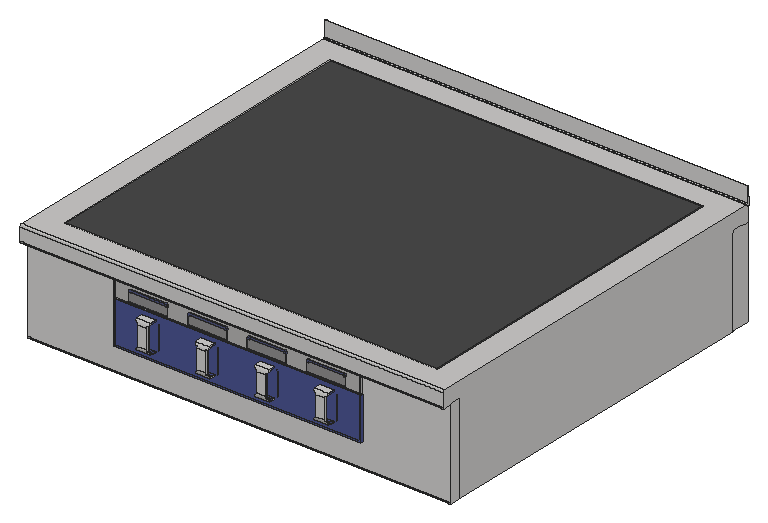
Revit family "QF_ELECTROLUXPROFESSIONAL_589019_MCCDABJOAO", category Specialty Equipment, Revit 2018
Family settings
  Round Connector Dimension = Use Diameter
  Part Type = Normal
  Work Plane-Based = No
  Always vertical = Yes
  Cut with Voids When Loaded = No
  Shared = No
  Room Calculation Point = No
Parameters
  Weight in Pounds = 110.23
  Watts = 16000 VA  # 16000 W
  Volts = 400 V  # constant formula
  URL Cutsheet = ""
  Type Mark [instance] = ""
  Status [instance] = ""
  Specification by User [instance] = ""
  Specification by Manufacturer = ""
  Serial Number = ""
  Seismic Rating = ""
  SMACNA No = ""
  Revision Code [instance] = ""
  Phase = 3  # constant formula
  Omniclass Number and Title = ""
  Number of Poles [instance] = 1
  NAFEM Spec ID Number = ""
  Model = "589019"
  Min Ckt Ampacity = 0 A
  Max Overcurrent Protection = 0 A
  Masterspec = ""
  Manufacturer = "ELECTROLUX"
  Item Number [instance] = ""
  Installed By [instance] = ""
  Identify Quantity as Lot [instance] = yes
  HP = "21.5 HP"
  Furnished By [instance] = ""
  Foodservice Equipment Identifier [instance] = yes
  FL Amps [instance] = if(Phase = 3, Watts / (Volts * 1.73), Watts / Volts)  # 23.1214 A
  Electrical Remarks = "400 V/3N ph/50/60 Hz"  # constant formula
  Electric Connection Type [instance] = ""
  Elec Conn RI Height [instance] = 0 mm
  Elec Conn Connection Height [instance] = 0 mm
  Direct Waste Size = 0"
  Description = "INFRARED TOP,4 ZONES,1S,BS,1000X900X250H"
  Cycle [instance] = if([60 Hertz Option], 60 Hz, 50 Hz)  # 60 Hz
  Conn Plug = ""
  Conn Conduit = yes
  CSI MasterFormat = ""
  CSI Master Format = ""
  Apparent Power [instance] = if(Phase = 3, Volts * FL Amps * 1.73, Volts * FL Amps)  # 16000 VA
  60 Hertz Option [instance] = not([50 Hertz Option])  # yes
  50 Hertz Option [instance] = no
Reference planes
  plane 1 "BACK": y = 0
  plane 2: z = 0
  plane 3 "LEFT": x = 0
  plane 4 "RIGHT": x = 1000
  plane 5 "FRONT": y = -900
  plane 6 "TOP": z = 250
  plane 7: x = 500
  plane 8: y = -450
Forms (mm)
  Extrusion 1, solid, material "QF_Finishes_Stainless Steel"
    sketch origin (0, -487.128, 0) x (0, 1, 0) y (0, 0, 1)
      loop
        line (483.128, 250) -> (-408.872, 250)
        arc (-408.872, 250) -> (-411.7, 248.828) -> (-412.872, 246) r 4
        line (-412.872, 246) -> (-412.872, 214)
        arc (-412.872, 214) -> (-411.443, 210.936) -> (-408.177, 210.061) r 4
        line (-408.177, 210.061) -> (-391.509, 213) -> (-366.872, 213) -> (-366.872, 0) -> (441.128, 0) -> (441.128, 213) -> (465.765, 213) -> (482.433, 210.061)
        arc (482.433, 210.061) -> (485.699, 210.936) -> (487.128, 214) r 4
        line (487.128, 214) -> (487.128, 246)
        arc (487.128, 246) -> (485.956, 248.828) -> (483.128, 250) r 4
    from 0 to 1000
  Extrusion 2, void
    sketch origin (653.786, 44.048, 250) x (1, 0, 0) y (0, -1, 0)
      loop
        line (-593.786, 104.048) -> (286.214, 104.048) -> (286.214, 887.779) -> (-593.786, 887.779) -> (-593.786, 104.048)
    from 0 to 37
  Extrusion 3, solid, material "QF_Finishes_Stainless Steel"
    sketch origin (0, -854, 0) x (1, 0, 0) y (0, -1, 0)
      loop
        circle (955, -169) r 6.35
    from 0 to 3.2
  Extrusion 4, solid, material "QF_Finishes_Black"
    sketch origin (653.786, 44.048, 213) x (1, 0, 0) y (0, 1, 0)
      loop
        line (-593.786, -887.779) -> (286.214, -887.779) -> (286.214, -104.048) -> (-593.786, -104.048) -> (-593.786, -887.779)
    from 0 to 37
  Extrusion 5, solid, material "QF_Finishes_Stainless Steel"
    sketch origin (0, 0, 0) x (0, 1, 0) y (0, 0, 1)
      loop
        line (-2.951, 2) -> (-2.951, 210.133)
        arc (-2.951, 210.133) -> (-3.795, 210.009) -> (-4.646, 210.066) r 4
        line (-4.646, 210.066) -> (-21.287, 213) -> (-45, 213) -> (-45, 0) -> (-4.951, 0)
        arc (-4.951, 0) -> (-3.537, 0.586) -> (-2.951, 2) r 2
      loop
        arc (-1.951, 252.006) -> (-2.537, 250.592) -> (-3.951, 250.006) r 2
        arc (-3.951, 250.006) -> (-1.172, 248.828) -> (0, 246) r 4
        line (0, 246) -> (0, 288.006) -> (-1.951, 288.006) -> (-1.951, 252.006)
    from 1000 to 0
Cuts and joins
  Extrusion 2 cuts Extrusion 1
Lines and regions (mm)
  symbolic lines
    curve 1: line (0, 0, 0) -> (1000, 0, 0)
    curve 2: line (0, -900, 0) -> (0, 0, 0)
    curve 3: line (1000, -900, 0) -> (0, -900, 0)
    curve 4: line (1000, 0, 0) -> (1000, -900, 0)
    curve 5: line (940, -843.73, 0) -> (940, -60, 0)
    curve 6: line (940, -60, 0) -> (60, -60, 0)
    curve 7: line (60, -60, 0) -> (60, -843.73, 0)
    curve 8: line (60, -843.73, 0) -> (940, -843.73, 0)
    curve 9: line (0, -1.951, 0) -> (1000, -1.951, 0)
    curve 10: line (273.641, -902.326, 0) -> (273.641, -900, 0)
    curve 11: spline (279.31, -903.73, 0) -> (278.831, -903.657, 0) -> (278.353, -903.575, 0) -> (277.876, -903.486, 0) -> (277.4, -903.389, 0) -> (276.925, -903.283, 0) -> (276.452, -903.17, 0) -> (275.98, -903.049, 0) -> (275.509, -902.92, 0) -> (275.039, -902.783, 0) -> (274.572, -902.638, 0) -> (274.105, -902.486, 0) -> (273.641, -902.326, 0)
    curve 12: line (305.857, -902.326, 0) -> (305.857, -900, 0)
    curve 13: spline (305.857, -902.326, 0) -> (305.392, -902.486, 0) -> (304.926, -902.638, 0) -> (304.458, -902.783, 0) -> (303.989, -902.92, 0) -> (303.518, -903.049, 0) -> (303.046, -903.17, 0) -> (302.572, -903.283, 0) -> (302.098, -903.389, 0) -> (301.622, -903.486, 0) -> (301.145, -903.575, 0) -> (300.667, -903.657, 0) -> (300.188, -903.73, 0)
    curve 14: line (279.31, -903.73, 0) -> (300.188, -903.73, 0)
    curve 15: line (413.892, -902.326, 0) -> (413.892, -900, 0)
    curve 16: spline (419.561, -903.73, 0) -> (419.082, -903.657, 0) -> (418.604, -903.575, 0) -> (418.127, -903.486, 0) -> (417.651, -903.389, 0) -> (417.177, -903.283, 0) -> (416.703, -903.17, 0) -> (416.231, -903.049, 0) -> (415.76, -902.92, 0) -> (415.29, -902.783, 0) -> (414.823, -902.638, 0) -> (414.357, -902.486, 0) -> (413.892, -902.326, 0)
    curve 17: line (446.108, -902.326, 0) -> (446.108, -900, 0)
    curve 18: spline (446.108, -902.326, 0) -> (445.643, -902.486, 0) -> (445.177, -902.638, 0) -> (444.71, -902.783, 0) -> (444.24, -902.92, 0) -> (443.769, -903.049, 0) -> (443.297, -903.17, 0) -> (442.823, -903.283, 0) -> (442.349, -903.389, 0) -> (441.873, -903.486, 0) -> (441.396, -903.575, 0) -> (440.918, -903.657, 0) -> (440.439, -903.73, 0)
    curve 19: line (419.561, -903.73, 0) -> (440.439, -903.73, 0)
    curve 20: line (726.359, -902.326, 0) -> (726.359, -900, 0)
    curve 21: spline (720.69, -903.73, 0) -> (721.169, -903.657, 0) -> (721.647, -903.575, 0) -> (722.124, -903.486, 0) -> (722.6, -903.389, 0) -> (723.075, -903.283, 0) -> (723.548, -903.17, 0) -> (724.02, -903.049, 0) -> (724.491, -902.92, 0) -> (724.961, -902.783, 0) -> (725.428, -902.638, 0) -> (725.895, -902.486, 0) -> (726.359, -902.326, 0)
    curve 22: line (694.143, -902.326, 0) -> (694.143, -900, 0)
    curve 23: spline (694.143, -902.326, 0) -> (694.608, -902.486, 0) -> (695.074, -902.638, 0) -> (695.542, -902.783, 0) -> (696.011, -902.92, 0) -> (696.482, -903.049, 0) -> (696.954, -903.17, 0) -> (697.428, -903.283, 0) -> (697.902, -903.389, 0) -> (698.378, -903.486, 0) -> (698.855, -903.575, 0) -> (699.333, -903.657, 0) -> (699.812, -903.73, 0)
    curve 24: line (720.69, -903.73, 0) -> (699.812, -903.73, 0)
    curve 25: line (586.108, -902.326, 0) -> (586.108, -900, 0)
    curve 26: spline (580.439, -903.73, 0) -> (580.918, -903.657, 0) -> (581.396, -903.575, 0) -> (581.873, -903.486, 0) -> (582.349, -903.389, 0) -> (582.823, -903.283, 0) -> (583.297, -903.17, 0) -> (583.769, -903.049, 0) -> (584.24, -902.92, 0) -> (584.71, -902.783, 0) -> (585.177, -902.638, 0) -> (585.643, -902.486, 0) -> (586.108, -902.326, 0)
    curve 27: line (553.892, -902.326, 0) -> (553.892, -900, 0)
    curve 28: spline (553.892, -902.326, 0) -> (554.357, -902.486, 0) -> (554.823, -902.638, 0) -> (555.29, -902.783, 0) -> (555.76, -902.92, 0) -> (556.231, -903.049, 0) -> (556.703, -903.17, 0) -> (557.177, -903.283, 0) -> (557.651, -903.389, 0) -> (558.127, -903.486, 0) -> (558.604, -903.575, 0) -> (559.082, -903.657, 0) -> (559.561, -903.73, 0)
    curve 29: line (580.439, -903.73, 0) -> (559.561, -903.73, 0)
Dimensions and locks
  plane 3 "LEFT" to plane 4 "RIGHT" = 1000 mm
  plane 5 "FRONT" to plane 1 "BACK" = 900 mm
  equal spacing: plane 3 "LEFT", plane 7, plane 4 "RIGHT"
  equal spacing: plane 5 "FRONT", plane 8, plane 1 "BACK"
  plane 6 "TOP" to level = 250 mm  (x2)
  plane 1 "BACK" to plane 5 "FRONT" = 900 mm
  Extrusion 3 sketch curve to plane 1 "BACK" = 685 mm
  Extrusion 3 sketch curve to plane 4 "RIGHT" = 45 mm
  aligned and locked: level to plane 2
  aligned and locked: cut or joined group of Extrusion 1, Extrusion 2 to plane 4 "RIGHT"
  aligned and locked: Extrusion 5 to plane 4 "RIGHT"
  aligned and locked: plane 7 to nested 1
Automatic sketch dimensions
  Extrusion 1 sketch curve to plane 5 "FRONT" = 0 mm
  Extrusion 1 sketch curve to plane 6 "TOP" = 0 mm
  Extrusion 1 sketch curve to level = 0 mm
  Extrusion 1 sketch curve to plane 1 "BACK" = 0 mm
  Extrusion 1 sketch curve to plane 6 "TOP" = 37 mm  (x2)
  Extrusion 1 sketch curve to plane 5 "FRONT" = 4 mm
  Extrusion 1 sketch curve to plane 5 "FRONT" = 21.363 mm
  Extrusion 1 sketch curve to plane 5 "FRONT" = 46 mm
  plane 1 "BACK" to Extrusion 1 sketch curve = 21.363 mm
  plane 1 "BACK" to Extrusion 1 sketch curve = 4 mm  (x2)
  Extrusion 1 sketch curve to Extrusion 1 sketch curve = 4 mm
  Extrusion 1 sketch curve to Extrusion 1 sketch curve = 0.695 mm
  Extrusion 1 sketch curve to Extrusion 1 sketch curve = 0 mm  (x4)
  plane 1 "BACK" to Extrusion 1 sketch curve = 4.695 mm
  Extrusion 1 sketch curve to Extrusion 1 sketch curve = 1 mm  (x2)
  plane 1 "BACK" to Extrusion 1 sketch curve = 46 mm
  Extrusion 5 sketch curve to level = 0 mm
  Extrusion 5 sketch curve to plane 1 "BACK" = 0 mm  (x2)
  level to Extrusion 5 sketch curve = 2 mm
  Extrusion 5 sketch curve to plane 6 "TOP" = 0 mm
  plane 1 "BACK" to Extrusion 5 sketch curve = 1.951 mm
  plane 1 "BACK" to Extrusion 5 sketch curve = 2.951 mm
  Extrusion 5 sketch curve to Extrusion 5 sketch curve = 18.335 mm
  Extrusion 5 sketch curve to Extrusion 5 sketch curve = 40.049 mm
  Extrusion 5 sketch curve to Extrusion 5 sketch curve = 1.695 mm
  Extrusion 5 sketch curve to Extrusion 5 sketch curve = 0 mm  (x3)
  plane 1 "BACK" to Extrusion 5 sketch curve = 4 mm
  plane 1 "BACK" to Extrusion 5 sketch curve = 3.951 mm
  Extrusion 5 sketch curve to Extrusion 5 sketch curve = 2 mm
  Extrusion 5 sketch curve to Extrusion 5 sketch curve = 35.867 mm
  Extrusion 5 sketch curve to plane 6 "TOP" = 37 mm
  plane 6 "TOP" to Extrusion 5 sketch curve = 2.006 mm
  Extrusion 5 sketch curve to Extrusion 5 sketch curve = 36 mm
  Extrusion 5 sketch curve to Extrusion 5 sketch curve = 0.066 mm
  plane 1 "BACK" to curve 1 = 0 mm
  curve 1 to plane 4 "RIGHT" = 0 mm
  curve 2 to plane 3 "LEFT" = 0 mm
  plane 5 "FRONT" to curve 3 = 0 mm
  plane 4 "RIGHT" to curve 5 = 60 mm
  plane 5 "FRONT" to curve 20 = 2.326 mm
  curve 5 to curve 20 = 213.641 mm
  plane 5 "FRONT" to curve 24 = 3.73 mm
  curve 20 to curve 24 = 5.669 mm
  curve 21 to curve 24 = 20.878 mm
  plane 5 "FRONT" to curve 22 = 2.326 mm
  curve 24 to curve 22 = 5.669 mm
  plane 5 "FRONT" to curve 25 = 2.326 mm
  plane 7 to curve 25 = 86.108 mm
  plane 5 "FRONT" to curve 29 = 3.73 mm
  curve 25 to curve 29 = 5.669 mm
  curve 26 to curve 29 = 20.878 mm
  plane 5 "FRONT" to curve 27 = 2.326 mm
  curve 28 to curve 27 = 5.669 mm
  plane 5 "FRONT" to curve 17 = 2.326 mm
  curve 17 to plane 7 = 53.892 mm
  plane 5 "FRONT" to curve 19 = 3.73 mm
  curve 17 to curve 19 = 5.669 mm
  curve 19 to curve 19 = 20.878 mm
  plane 5 "FRONT" to curve 15 = 2.326 mm
  curve 16 to curve 15 = 5.669 mm
  plane 5 "FRONT" to curve 12 = 2.326 mm
  curve 15 to curve 12 = 108.035 mm
  plane 5 "FRONT" to curve 14 = 3.73 mm
  curve 12 to curve 14 = 5.669 mm
  curve 13 to curve 14 = 20.878 mm
  plane 5 "FRONT" to curve 10 = 2.326 mm
  curve 11 to curve 10 = 5.669 mm
  plane 3 "LEFT" to curve 7 = 60 mm
  curve 20 to curve 21 = 9.839 mm
  curve 21 to curve 23 = 12.538 mm
  plane 5 "FRONT" to curve 26 = 4.032 mm
  curve 26 to curve 26 = 4.17 mm
  curve 26 to curve 28 = 12.538 mm
  plane 5 "FRONT" to curve 18 = 4.032 mm
  curve 19 to curve 18 = 4.17 mm
  plane 5 "FRONT" to curve 16 = 4.032 mm
  curve 16 to curve 16 = 4.17 mm
  curve 12 to curve 13 = 9.839 mm
  plane 5 "FRONT" to curve 11 = 4.032 mm
  curve 11 to curve 14 = 4.17 mm
  plane 1 "BACK" to curve 6 = 60 mm
  curve 5 to plane 5 "FRONT" = 56.27 mm
  plane 1 "BACK" to curve 9 = 1.951 mm
  curve 11 to curve 13 = 0 mm
  curve 23 to plane 5 "FRONT" = 39.101 mm
  curve 28 to curve 26 = 0 mm
  curve 23 to curve 21 = 0 mm
  Extrusion 1 to Extrusion 2 sketch curve = 60 mm  (x2)
  Extrusion 1 to Extrusion 2 sketch curve = 52.27 mm
  Extrusion 1 to Extrusion 2 sketch curve = 56 mm
  Extrusion 4 sketch curve to Extrusion 2 = 0 mm  (x3)
  Extrusion 2 to Extrusion 4 sketch curve = 0 mm
  radius of Extrusion 3 sketch curve = 6.35 mm
Nested families
  nested 1: "IDT_900_1000 Front Panel fOUR cONTROLS" at (-100, -854, -650), type "IDT_900_1000 Front Panel fOUR cONTROLS"
Connectors
  electrical at (955, -685, -3.2), driven by "Volts", driven by "Watts"
    settings: on Extrusion 3, index 1, voltage 400 V, apparent load 16000 VA, apparent load phase1 0 VA, apparent load phase2 0 VA, apparent load phase3 0 VA, power factor 1, load classification "Other", number of poles 1, system type 30, power factor state 1, is connector primary yes, connector utility no, sub classification motor no, connector description "ELECTRICAL CONNECTION"
Definition of nested family "IDT_900_1000 Front Panel fOUR cONTROLS"
  Parameters
    Keynote = ""
  Reference planes
    plane 1 "Center (Front/Back)": y = 0
    plane 2: z = 0
    plane 3 "Center (Left/Right)": x = 100
    plane 4: x = 600
    plane 5: x = 389.749
    plane 6: x = 530
    plane 7: x = 670.079
    plane 8: x = 809.948
  Forms (mm)
    Extrusion 1, void
      sketch origin (1213.217, 829.203, -1.25) x (1, 0, 0) y (0, 0, 1)
        loop
          line (-321.217, 853.25) -> (-905.217, 853.25) -> (-905.217, 711.25) -> (-321.217, 711.25) -> (-321.217, 853.25)
      from 843.409 to 854.203
    Extrusion 2, solid
      sketch origin (1133.217, 829.203, -1.25) x (0, 1, 0) y (0, 0, 1)
        loop
          arc (-854.203, 654.25) -> (-853.324, 652.129) -> (-851.203, 651.25) r 3
          line (-851.203, 651.25) -> (-829.203, 651.25) -> (-829.203, 864.25) -> (-854.203, 864.25) -> (-854.203, 654.25)
      from -1033.217 to -33.217
  Nested families
    nested 1: "1200 Glass Panel with Four Reads" at (308, -30, 5.811), type "1200 Glass Panel with Four Reads"
    nested 2: "Sml  Range Control Handle" at (389.749, -26.645, -204.867), type "Sml  Range Control Handle"
    nested 3: "Sml  Range Control Handle" at (529.638, -26.645, -204.867), type "Sml  Range Control Handle"
    nested 4: "Sml  Range Control Handle" at (670.079, -26.645, -204.867), type "Sml  Range Control Handle"
    nested 5: "Sml  Range Control Handle" at (810.079, -26.645, -204.867), type "Sml  Range Control Handle"
  Definition of nested family "1200 Glass Panel with Four Reads"
    Reference planes
      plane 1 "Center (Front/Back)": y = 0
      plane 2: z = 0
      plane 3 "Center (Left/Right)": x = 0
      plane 4: x = 584
      plane 5: x = 581.091
      plane 6 "Top": z = 846.189
      plane 7 "Center": x = 292
    Forms (mm)
      Extrusion 1, solid
        sketch origin (550.286, 304.8, -4.308) x (1, 0, 0) y (0, 0, 1)
          loop
            line (-550.286, 806.791) -> (-550.286, 708.497) -> (33.714, 708.497) -> (33.714, 806.791) -> (-550.286, 806.791)
        from 300.031 to 304.8
      Extrusion 2, solid
        sketch origin (550.286, 304.8, -4.308) x (1, 0, 0) y (0, 0, 1)
          loop
            line (-550.286, 850.497) -> (-550.286, 806.791) -> (33.714, 806.791) -> (33.714, 850.497) -> (-550.286, 850.497)
        from 300.031 to 304.8
      Extrusion 3, void
        sketch origin (550.286, 304.8, -4.308) x (1, 0, 0) y (0, 0, 1)
          loop
            line (-547.628, 847.565) -> (-547.628, 710.699) -> (30.804, 710.699) -> (30.804, 847.565) -> (-547.628, 847.565)
        from 303.697 to 304.8
      Extrusion 4, solid, not visible
        sketch origin (550.286, 305.901, -4.308) x (1, 0, 0) y (0, 0, 1)
          loop
            line (-153.041, 812.62) -> (-153.041, 834.177) -> (-157.775, 834.177) -> (-159.574, 835.977) -> (-238.324, 835.977) -> (-240.124, 834.177) -> (-245.041, 834.177) -> (-245.041, 812.62) -> (-153.041, 812.62)
        from 304.798 to 306.745
      Extrusion 5, solid, not visible
        sketch origin (550.286, 305.901, -4.308) x (1, 0, 0) y (0, 0, 1)
          loop
            line (-240.027, 834.177) -> (-238.227, 835.977) -> (-159.594, 835.977) -> (-157.794, 834.177) -> (-153.083, 834.177)
            arc (-153.083, 834.177) -> (-154.26, 838.752) -> (-158.535, 840.763) r 5.549
            line (-158.535, 840.763) -> (-239.444, 840.763)
            arc (-239.444, 840.763) -> (-243.699, 838.747) -> (-244.835, 834.177) r 5.5
            line (-244.835, 834.177) -> (-240.027, 834.177)
        from 304.798 to 306.745
      Extrusion 6, solid
        sketch origin (700.989, 305.901, -4.308) x (1, 0, 0) y (0, 0, 1)
          loop
            line (-153.041, 812.62) -> (-153.041, 834.177) -> (-157.775, 834.177) -> (-159.574, 835.977) -> (-238.324, 835.977) -> (-240.124, 834.177) -> (-245.041, 834.177) -> (-245.041, 812.62) -> (-153.041, 812.62)
        from 304.798 to 306.745
      Extrusion 7, solid
        sketch origin (700.989, 305.901, -4.308) x (1, 0, 0) y (0, 0, 1)
          loop
            line (-240.027, 834.177) -> (-238.227, 835.977) -> (-159.594, 835.977) -> (-157.794, 834.177) -> (-153.083, 834.177)
            arc (-153.083, 834.177) -> (-154.26, 838.752) -> (-158.535, 840.763) r 5.549
            line (-158.535, 840.763) -> (-239.444, 840.763)
            arc (-239.444, 840.763) -> (-243.699, 838.747) -> (-244.835, 834.177) r 5.5
            line (-244.835, 834.177) -> (-240.027, 834.177)
        from 304.798 to 306.745
      Extrusion 8, solid
        sketch origin (560.989, 305.901, -4.308) x (1, 0, 0) y (0, 0, 1)
          loop
            line (-153.041, 812.62) -> (-153.041, 834.177) -> (-157.775, 834.177) -> (-159.574, 835.977) -> (-238.324, 835.977) -> (-240.124, 834.177) -> (-245.041, 834.177) -> (-245.041, 812.62) -> (-153.041, 812.62)
        from 304.798 to 306.745
      Extrusion 9, solid
        sketch origin (560.989, 305.901, -4.308) x (1, 0, 0) y (0, 0, 1)
          loop
            line (-240.027, 834.177) -> (-238.227, 835.977) -> (-159.594, 835.977) -> (-157.794, 834.177) -> (-153.083, 834.177)
            arc (-153.083, 834.177) -> (-154.26, 838.752) -> (-158.535, 840.763) r 5.549
            line (-158.535, 840.763) -> (-239.444, 840.763)
            arc (-239.444, 840.763) -> (-243.699, 838.747) -> (-244.835, 834.177) r 5.5
            line (-244.835, 834.177) -> (-240.027, 834.177)
        from 304.798 to 306.745
      Extrusion 10, solid
        sketch origin (700.989, 305.901, -4.308) x (1, 0, 0) y (0, 0, 1)
          loop
            line (-665.188, 812.62) -> (-573.188, 812.62) -> (-573.188, 834.177) -> (-578.105, 834.177) -> (-579.905, 835.977) -> (-658.655, 835.977) -> (-660.455, 834.177) -> (-665.188, 834.177) -> (-665.188, 812.62)
        from 304.798 to 306.745
      Extrusion 11, solid
        sketch origin (700.989, 305.901, -4.308) x (1, 0, 0) y (0, 0, 1)
          loop
            line (-578.203, 834.177) -> (-573.394, 834.177)
            arc (-573.394, 834.177) -> (-574.53, 838.747) -> (-578.786, 840.763) r 5.5
            line (-578.786, 840.763) -> (-659.695, 840.763)
            arc (-659.695, 840.763) -> (-663.97, 838.752) -> (-665.146, 834.177) r 5.549
            line (-665.146, 834.177) -> (-660.435, 834.177) -> (-658.636, 835.977) -> (-580.003, 835.977) -> (-578.203, 834.177)
        from 304.798 to 306.745
      Extrusion 12, solid
        sketch origin (560.989, 305.901, -4.308) x (1, 0, 0) y (0, 0, 1)
          loop
            line (-385.188, 812.62) -> (-293.188, 812.62) -> (-293.188, 834.177) -> (-298.105, 834.177) -> (-299.905, 835.977) -> (-378.655, 835.977) -> (-380.455, 834.177) -> (-385.188, 834.177) -> (-385.188, 812.62)
        from 304.798 to 306.745
      Extrusion 13, solid
        sketch origin (560.989, 305.901, -4.308) x (1, 0, 0) y (0, 0, 1)
          loop
            line (-298.203, 834.177) -> (-293.394, 834.177)
            arc (-293.394, 834.177) -> (-294.53, 838.747) -> (-298.786, 840.763) r 5.5
            line (-298.786, 840.763) -> (-379.695, 840.763)
            arc (-379.695, 840.763) -> (-383.97, 838.752) -> (-385.146, 834.177) r 5.549
            line (-385.146, 834.177) -> (-380.435, 834.177) -> (-378.636, 835.977) -> (-300.003, 835.977) -> (-298.203, 834.177)
        from 304.798 to 306.745
    Cuts and joins
      Extrusion 3 cuts Extrusion 1
      Extrusion 3 cuts Extrusion 2
    Lines and regions (mm)
      symbolic lines
        curve 1: line (0, 4.769, 0) -> (584, 4.769, 0)
    Dimensions and locks
      aligned and locked: Extrusion 1 to Extrusion 2
      aligned and locked: Extrusion 6 to Extrusion 7
      aligned and locked: Extrusion 8 to Extrusion 9
      aligned and locked: Extrusion 10 to Extrusion 11
      aligned and locked: Extrusion 12 to Extrusion 13
  Definition of nested family "Sml  Range Control Handle"
    Reference planes
      plane 1 "Center (Front/Back)": y = 0
      plane 2: z = 0
      plane 3 "Center (Left/Right)": x = 0
      plane 4: z = 971.092
    Forms (mm)
      Extrusion 1, solid
        sketch origin (-746.28, 380.497, 208.931) x (-1, 0, 0) y (0, 0, 1)
          loop
            line (-770.101, 786.798) -> (-770.101, 731.649)
            arc (-770.101, 731.649) -> (-769.759, 730.563) -> (-768.855, 729.87) r 1.893
            line (-768.855, 729.87) -> (-763.474, 727.911) -> (-729.81, 727.911) -> (-724.428, 729.87)
            arc (-724.428, 729.87) -> (-723.525, 730.563) -> (-723.183, 731.649) r 1.893
            line (-723.183, 731.649) -> (-723.183, 786.798)
            arc (-723.183, 786.798) -> (-723.529, 787.894) -> (-724.44, 788.593) r 1.91
            line (-724.44, 788.593) -> (-729.683, 790.819) -> (-763.601, 790.819) -> (-768.844, 788.593)
            arc (-768.844, 788.593) -> (-769.755, 787.894) -> (-770.101, 786.798) r 1.91
        from -382.35 to -378.852
      Sweep 2, solid
        path origin (-746.788, 380.496, 208.091) x (0, -1, 0) y (0, 0, 1)
          loop
            line (379.775, 793.281) -> (395.661, 791.048)
            arc (395.661, 791.048) -> (397.781, 787.377) -> (398.517, 783.202) r 12.207
            line (398.517, 783.202) -> (398.517, 737.368)
            arc (398.517, 737.368) -> (397.781, 733.193) -> (395.661, 729.522) r 12.207
            line (395.661, 729.522) -> (379.775, 727.289)
        profile origin (-746.788, -7.222, 1000.256) x (0, -0.139173, 0.990268) y (-1, 0, 0)
          loop
            line (0.782, -763.123) -> (0.782, -730.907) -> (-1.322, -730.907) -> (-1.322, -763.123) -> (0.782, -763.123)
      Sweep 3, solid
        path origin (-746.788, 380.715, 207.832) x (0, -1, 0) y (0, 0, 1)
          loop
            line (380.478, 795.442) -> (397.218, 793.09)
            arc (397.218, 793.09) -> (399.929, 788.473) -> (400.871, 783.202) r 15.207
            line (400.871, 783.202) -> (400.871, 737.584)
            arc (400.871, 737.584) -> (399.914, 732.274) -> (397.164, 727.633) r 15.207
            line (397.164, 727.633) -> (380.601, 725.305)
        profile origin (-746.788, -8.132, 1002.099) x (0, -0.139173, 0.990268) y (-1, 0, 0)
          loop
            line (0.782, -763.123) -> (0.782, -730.907) -> (-1.322, -730.907) -> (-1.322, -763.123) -> (0.782, -763.123)
      Extrusion 4, void
        sketch origin (889.253, 220.666, 207.993) x (1, 0, 0) y (0, 0, 1)
          loop
            line (-943.038, 816.854) -> (-943.038, 703.686) -> (-899.466, 734.196) -> (-899.466, 786.344) -> (-943.038, 816.854)
        from 230.636 to 242.25
      Extrusion 5, void
        sketch origin (-888.8, 220.666, 207.993) x (-1, 0, 0) y (0, 0, -1)
          loop
            line (-943.038, -816.854) -> (-899.466, -786.344) -> (-899.466, -734.196) -> (-943.038, -703.686) -> (-943.038, -816.854)
        from 230.636 to 242.25
      Extrusion 6, solid
        sketch origin (0, 0, 0) x (1, 0, 0) y (0, 0, 1)
          loop
            circle (0, 971.092) r 7.736
        from -3.137 to -1.645
    Cuts and joins
      Extrusion 4, Extrusion 5 cuts Sweep 3
      Extrusion 4, Extrusion 5 cuts Sweep 2
      joined: Extrusion 1, Extrusion 6
    Lines and regions (mm)
      symbolic lines
        curve 1: line (23.821, 1.645, 0) -> (-23.097, 1.645, 0)
        curve 2: line (16.334, -1.853, 0) -> (23.821, -1.853, 0)
        curve 3: line (-15.881, -19.189, 0) -> (-15.881, -1.853, 0)
        curve 4: line (-23.097, -1.853, 0) -> (-15.881, -1.853, 0)
        curve 5: line (16.334, -19.189, 0) -> (16.334, -1.853, 0)
        curve 6: spline (-15.881, -19.189, 0) -> (-15.417, -19.349, 0) -> (-14.951, -19.501, 0) -> (-14.483, -19.646, 0) -> (-14.014, -19.783, 0) -> (-13.543, -19.912, 0) -> (-13.071, -20.033, 0) -> (-12.597, -20.146, 0) -> (-12.122, -20.251, 0) -> (-11.646, -20.349, 0) -> (-11.169, -20.438, 0) -> (-10.691, -20.52, 0) -> (-10.213, -20.593, 0)
        curve 7: spline (10.666, -20.593, 0) -> (11.144, -20.52, 0) -> (11.622, -20.438, 0) -> (12.099, -20.349, 0) -> (12.575, -20.251, 0) -> (13.05, -20.146, 0) -> (13.524, -20.033, 0) -> (13.996, -19.912, 0) -> (14.467, -19.783, 0) -> (14.936, -19.646, 0) -> (15.404, -19.501, 0) -> (15.87, -19.349, 0) -> (16.334, -19.189, 0)
        curve 8: line (-10.213, -20.938, 0) -> (10.716, -20.938, 0)
        curve 9: line (-23.097, 1.645, 0) -> (-23.097, -1.853, 0)
        curve 10: line (23.821, 1.645, 0) -> (23.821, -1.853, 0)
    Dimensions and locks
      cut or joined group of Sweep 3, Extrusion 4, Extrusion 5 to cut or joined group of Sweep 3, Extrusion 4, Extrusion 5 = 71.686 mm
